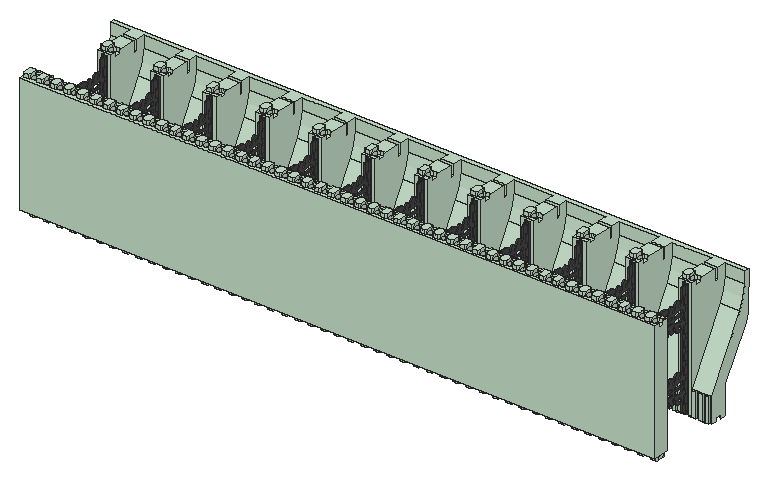
Revit family "ICF- NUDURA 8-inch- Brick Ledge Form Unit- Imperial", category Generic Models, Revit 2011 (continued)
Forms (in)
  Extrusion 51, void
    sketch origin (86, 0, 0) x (-1, 0, 0) y (0, -1, 0)
      loop
        arc (1, -4.89808) -> (1.04785, -5.04517) -> (1.17308, -5.13595) r 0.25
        arc (1.17308, -5.13595) -> (1.5, -5.1875) -> (1.82692, -5.13595) r 1.0625
        arc (1.82692, -5.13595) -> (1.95215, -5.04517) -> (2, -4.89808) r 0.25
        line (2, -4.89808) -> (2, -3.97692)
        arc (2, -3.97692) -> (1.98276, -3.88568) -> (1.9334, -3.80702) r 0.25
        arc (1.9334, -3.80702) -> (1.92106, -3.78736) -> (1.91675, -3.76455) r 0.0625
        line (1.91675, -3.76455) -> (1.91675, -3.41845) -> (1.74592, -3.41845) -> (1.74592, -3.64005)
        arc (1.74592, -3.64005) -> (1.72385, -3.68771) -> (1.67323, -3.70172) r 0.0625
        arc (1.67323, -3.70172) -> (1.42092, -3.69045) -> (1.17308, -3.73905) r 1.0625
        arc (1.17308, -3.73905) -> (1.04785, -3.82983) -> (1, -3.97692) r 0.25
        line (1, -3.97692) -> (1, -4.89808)
    from 18 to 17.5
  Extrusion 52, void
    sketch origin (78, 0, 0) x (-1, 0, 0) y (0, -1, 0)
      loop
        arc (1, -4.89808) -> (1.04785, -5.04517) -> (1.17308, -5.13595) r 0.25
        arc (1.17308, -5.13595) -> (1.5, -5.1875) -> (1.82692, -5.13595) r 1.0625
        arc (1.82692, -5.13595) -> (1.95215, -5.04517) -> (2, -4.89808) r 0.25
        line (2, -4.89808) -> (2, -3.97692)
        arc (2, -3.97692) -> (1.98276, -3.88568) -> (1.9334, -3.80702) r 0.25
        arc (1.9334, -3.80702) -> (1.92106, -3.78736) -> (1.91675, -3.76455) r 0.0625
        line (1.91675, -3.76455) -> (1.91675, -3.41845) -> (1.74592, -3.41845) -> (1.74592, -3.64005)
        arc (1.74592, -3.64005) -> (1.72385, -3.68771) -> (1.67323, -3.70172) r 0.0625
        arc (1.67323, -3.70172) -> (1.42092, -3.69045) -> (1.17308, -3.73905) r 1.0625
        arc (1.17308, -3.73905) -> (1.04785, -3.82983) -> (1, -3.97692) r 0.25
        line (1, -3.97692) -> (1, -4.89808)
    from 18 to 17.5
  Extrusion 53, void
    sketch origin (70, 0, 0) x (-1, 0, 0) y (0, -1, 0)
      loop
        arc (1, -4.89808) -> (1.04785, -5.04517) -> (1.17308, -5.13595) r 0.25
        arc (1.17308, -5.13595) -> (1.5, -5.1875) -> (1.82692, -5.13595) r 1.0625
        arc (1.82692, -5.13595) -> (1.95215, -5.04517) -> (2, -4.89808) r 0.25
        line (2, -4.89808) -> (2, -3.97692)
        arc (2, -3.97692) -> (1.98276, -3.88568) -> (1.9334, -3.80702) r 0.25
        arc (1.9334, -3.80702) -> (1.92106, -3.78736) -> (1.91675, -3.76455) r 0.0625
        line (1.91675, -3.76455) -> (1.91675, -3.41845) -> (1.74592, -3.41845) -> (1.74592, -3.64005)
        arc (1.74592, -3.64005) -> (1.72385, -3.68771) -> (1.67323, -3.70172) r 0.0625
        arc (1.67323, -3.70172) -> (1.42092, -3.69045) -> (1.17308, -3.73905) r 1.0625
        arc (1.17308, -3.73905) -> (1.04785, -3.82983) -> (1, -3.97692) r 0.25
        line (1, -3.97692) -> (1, -4.89808)
    from 18 to 17.5
  Extrusion 54, void
    sketch origin (62, 0, 0) x (-1, 0, 0) y (0, -1, 0)
      loop
        arc (1, -4.89808) -> (1.04785, -5.04517) -> (1.17308, -5.13595) r 0.25
        arc (1.17308, -5.13595) -> (1.5, -5.1875) -> (1.82692, -5.13595) r 1.0625
        arc (1.82692, -5.13595) -> (1.95215, -5.04517) -> (2, -4.89808) r 0.25
        line (2, -4.89808) -> (2, -3.97692)
        arc (2, -3.97692) -> (1.98276, -3.88568) -> (1.9334, -3.80702) r 0.25
        arc (1.9334, -3.80702) -> (1.92106, -3.78736) -> (1.91675, -3.76455) r 0.0625
        line (1.91675, -3.76455) -> (1.91675, -3.41845) -> (1.74592, -3.41845) -> (1.74592, -3.64005)
        arc (1.74592, -3.64005) -> (1.72385, -3.68771) -> (1.67323, -3.70172) r 0.0625
        arc (1.67323, -3.70172) -> (1.42092, -3.69045) -> (1.17308, -3.73905) r 1.0625
        arc (1.17308, -3.73905) -> (1.04785, -3.82983) -> (1, -3.97692) r 0.25
        line (1, -3.97692) -> (1, -4.89808)
    from 18 to 17.5
  Extrusion 55, void
    sketch origin (54, 0, 0) x (-1, 0, 0) y (0, -1, 0)
      loop
        arc (1, -4.89808) -> (1.04785, -5.04517) -> (1.17308, -5.13595) r 0.25
        arc (1.17308, -5.13595) -> (1.5, -5.1875) -> (1.82692, -5.13595) r 1.0625
        arc (1.82692, -5.13595) -> (1.95215, -5.04517) -> (2, -4.89808) r 0.25
        line (2, -4.89808) -> (2, -3.97692)
        arc (2, -3.97692) -> (1.98276, -3.88568) -> (1.9334, -3.80702) r 0.25
        arc (1.9334, -3.80702) -> (1.92106, -3.78736) -> (1.91675, -3.76455) r 0.0625
        line (1.91675, -3.76455) -> (1.91675, -3.41845) -> (1.74592, -3.41845) -> (1.74592, -3.64005)
        arc (1.74592, -3.64005) -> (1.72385, -3.68771) -> (1.67323, -3.70172) r 0.0625
        arc (1.67323, -3.70172) -> (1.42092, -3.69045) -> (1.17308, -3.73905) r 1.0625
        arc (1.17308, -3.73905) -> (1.04785, -3.82983) -> (1, -3.97692) r 0.25
        line (1, -3.97692) -> (1, -4.89808)
    from 18 to 17.5
  Extrusion 56, void
    sketch origin (46, 0, 0) x (-1, 0, 0) y (0, -1, 0)
      loop
        arc (1, -4.89808) -> (1.04785, -5.04517) -> (1.17308, -5.13595) r 0.25
        arc (1.17308, -5.13595) -> (1.5, -5.1875) -> (1.82692, -5.13595) r 1.0625
        arc (1.82692, -5.13595) -> (1.95215, -5.04517) -> (2, -4.89808) r 0.25
        line (2, -4.89808) -> (2, -3.97692)
        arc (2, -3.97692) -> (1.98276, -3.88568) -> (1.9334, -3.80702) r 0.25
        arc (1.9334, -3.80702) -> (1.92106, -3.78736) -> (1.91675, -3.76455) r 0.0625
        line (1.91675, -3.76455) -> (1.91675, -3.41845) -> (1.74592, -3.41845) -> (1.74592, -3.64005)
        arc (1.74592, -3.64005) -> (1.72385, -3.68771) -> (1.67323, -3.70172) r 0.0625
        arc (1.67323, -3.70172) -> (1.42092, -3.69045) -> (1.17308, -3.73905) r 1.0625
        arc (1.17308, -3.73905) -> (1.04785, -3.82983) -> (1, -3.97692) r 0.25
        line (1, -3.97692) -> (1, -4.89808)
    from 18 to 17.5
  Extrusion 57, void
    sketch origin (38, 0, 0) x (-1, 0, 0) y (0, -1, 0)
      loop
        arc (1, -4.89808) -> (1.04785, -5.04517) -> (1.17308, -5.13595) r 0.25
        arc (1.17308, -5.13595) -> (1.5, -5.1875) -> (1.82692, -5.13595) r 1.0625
        arc (1.82692, -5.13595) -> (1.95215, -5.04517) -> (2, -4.89808) r 0.25
        line (2, -4.89808) -> (2, -3.97692)
        arc (2, -3.97692) -> (1.98276, -3.88568) -> (1.9334, -3.80702) r 0.25
        arc (1.9334, -3.80702) -> (1.92106, -3.78736) -> (1.91675, -3.76455) r 0.0625
        line (1.91675, -3.76455) -> (1.91675, -3.41845) -> (1.74592, -3.41845) -> (1.74592, -3.64005)
        arc (1.74592, -3.64005) -> (1.72385, -3.68771) -> (1.67323, -3.70172) r 0.0625
        arc (1.67323, -3.70172) -> (1.42092, -3.69045) -> (1.17308, -3.73905) r 1.0625
        arc (1.17308, -3.73905) -> (1.04785, -3.82983) -> (1, -3.97692) r 0.25
        line (1, -3.97692) -> (1, -4.89808)
    from 18 to 17.5
  Extrusion 58, void
    sketch origin (30, 0, 0) x (-1, 0, 0) y (0, -1, 0)
      loop
        arc (1, -4.89808) -> (1.04785, -5.04517) -> (1.17308, -5.13595) r 0.25
        arc (1.17308, -5.13595) -> (1.5, -5.1875) -> (1.82692, -5.13595) r 1.0625
        arc (1.82692, -5.13595) -> (1.95215, -5.04517) -> (2, -4.89808) r 0.25
        line (2, -4.89808) -> (2, -3.97692)
        arc (2, -3.97692) -> (1.98276, -3.88568) -> (1.9334, -3.80702) r 0.25
        arc (1.9334, -3.80702) -> (1.92106, -3.78736) -> (1.91675, -3.76455) r 0.0625
        line (1.91675, -3.76455) -> (1.91675, -3.41845) -> (1.74592, -3.41845) -> (1.74592, -3.64005)
        arc (1.74592, -3.64005) -> (1.72385, -3.68771) -> (1.67323, -3.70172) r 0.0625
        arc (1.67323, -3.70172) -> (1.42092, -3.69045) -> (1.17308, -3.73905) r 1.0625
        arc (1.17308, -3.73905) -> (1.04785, -3.82983) -> (1, -3.97692) r 0.25
        line (1, -3.97692) -> (1, -4.89808)
    from 18 to 17.5
  Extrusion 59, void
    sketch origin (22, 0, 0) x (-1, 0, 0) y (0, -1, 0)
      loop
        arc (1, -4.89808) -> (1.04785, -5.04517) -> (1.17308, -5.13595) r 0.25
        arc (1.17308, -5.13595) -> (1.5, -5.1875) -> (1.82692, -5.13595) r 1.0625
        arc (1.82692, -5.13595) -> (1.95215, -5.04517) -> (2, -4.89808) r 0.25
        line (2, -4.89808) -> (2, -3.97692)
        arc (2, -3.97692) -> (1.98276, -3.88568) -> (1.9334, -3.80702) r 0.25
        arc (1.9334, -3.80702) -> (1.92106, -3.78736) -> (1.91675, -3.76455) r 0.0625
        line (1.91675, -3.76455) -> (1.91675, -3.41845) -> (1.74592, -3.41845) -> (1.74592, -3.64005)
        arc (1.74592, -3.64005) -> (1.72385, -3.68771) -> (1.67323, -3.70172) r 0.0625
        arc (1.67323, -3.70172) -> (1.42092, -3.69045) -> (1.17308, -3.73905) r 1.0625
        arc (1.17308, -3.73905) -> (1.04785, -3.82983) -> (1, -3.97692) r 0.25
        line (1, -3.97692) -> (1, -4.89808)
    from 18 to 17.5
  Extrusion 60, void
    sketch origin (14, 0, 0) x (-1, 0, 0) y (0, -1, 0)
      loop
        arc (1, -4.89808) -> (1.04785, -5.04517) -> (1.17308, -5.13595) r 0.25
        arc (1.17308, -5.13595) -> (1.5, -5.1875) -> (1.82692, -5.13595) r 1.0625
        arc (1.82692, -5.13595) -> (1.95215, -5.04517) -> (2, -4.89808) r 0.25
        line (2, -4.89808) -> (2, -3.97692)
        arc (2, -3.97692) -> (1.98276, -3.88568) -> (1.9334, -3.80702) r 0.25
        arc (1.9334, -3.80702) -> (1.92106, -3.78736) -> (1.91675, -3.76455) r 0.0625
        line (1.91675, -3.76455) -> (1.91675, -3.41845) -> (1.74592, -3.41845) -> (1.74592, -3.64005)
        arc (1.74592, -3.64005) -> (1.72385, -3.68771) -> (1.67323, -3.70172) r 0.0625
        arc (1.67323, -3.70172) -> (1.42092, -3.69045) -> (1.17308, -3.73905) r 1.0625
        arc (1.17308, -3.73905) -> (1.04785, -3.82983) -> (1, -3.97692) r 0.25
        line (1, -3.97692) -> (1, -4.89808)
    from 18 to 17.5
  Extrusion 61, void
    sketch origin (6, 0, 0) x (-1, 0, 0) y (0, -1, 0)
      loop
        arc (1, -4.89808) -> (1.04785, -5.04517) -> (1.17308, -5.13595) r 0.25
        arc (1.17308, -5.13595) -> (1.5, -5.1875) -> (1.82692, -5.13595) r 1.0625
        arc (1.82692, -5.13595) -> (1.95215, -5.04517) -> (2, -4.89808) r 0.25
        line (2, -4.89808) -> (2, -3.97692)
        arc (2, -3.97692) -> (1.98276, -3.88568) -> (1.9334, -3.80702) r 0.25
        arc (1.9334, -3.80702) -> (1.92106, -3.78736) -> (1.91675, -3.76455) r 0.0625
        line (1.91675, -3.76455) -> (1.91675, -3.41845) -> (1.74592, -3.41845) -> (1.74592, -3.64005)
        arc (1.74592, -3.64005) -> (1.72385, -3.68771) -> (1.67323, -3.70172) r 0.0625
        arc (1.67323, -3.70172) -> (1.42092, -3.69045) -> (1.17308, -3.73905) r 1.0625
        arc (1.17308, -3.73905) -> (1.04785, -3.82983) -> (1, -3.97692) r 0.25
        line (1, -3.97692) -> (1, -4.89808)
    from 18 to 17.5
  Extrusion 62, void
    sketch origin (2, -2, 0) x (-1, 0, 0) y (0, -1, 0)
      loop
        line (1, 4.89808) -> (1, 3.97692)
        arc (1, 3.97692) -> (1.04785, 3.82983) -> (1.17308, 3.73905) r 0.25
        arc (1.17308, 3.73905) -> (1.42092, 3.69045) -> (1.67323, 3.70172) r 1.0625
        arc (1.67323, 3.70172) -> (1.72385, 3.68771) -> (1.74592, 3.64005) r 0.0625
        line (1.74592, 3.64005) -> (1.74592, 3.41845) -> (1.91675, 3.41845) -> (1.91675, 3.76455)
        arc (1.91675, 3.76455) -> (1.92106, 3.78736) -> (1.9334, 3.80702) r 0.0625
        arc (1.9334, 3.80702) -> (1.98276, 3.88568) -> (2, 3.97692) r 0.25
        line (2, 3.97692) -> (2, 4.89808)
        arc (2, 4.89808) -> (1.95215, 5.04517) -> (1.82692, 5.13595) r 0.25
        arc (1.82692, 5.13595) -> (1.5, 5.1875) -> (1.17308, 5.13595) r 1.0625
        arc (1.17308, 5.13595) -> (1.04785, 5.04517) -> (1, 4.89808) r 0.25
    from 0 to 0.5
  Extrusion 63, void
    sketch origin (4, -2, 0) x (-1, 0, 0) y (0, -1, 0)
      loop
        line (1, 4.89808) -> (1, 3.97692)
        arc (1, 3.97692) -> (1.04785, 3.82983) -> (1.17308, 3.73905) r 0.25
        arc (1.17308, 3.73905) -> (1.42092, 3.69045) -> (1.67323, 3.70172) r 1.0625
        arc (1.67323, 3.70172) -> (1.72385, 3.68771) -> (1.74592, 3.64005) r 0.0625
        line (1.74592, 3.64005) -> (1.74592, 3.41845) -> (1.91675, 3.41845) -> (1.91675, 3.76455)
        arc (1.91675, 3.76455) -> (1.92106, 3.78736) -> (1.9334, 3.80702) r 0.0625
        arc (1.9334, 3.80702) -> (1.98276, 3.88568) -> (2, 3.97692) r 0.25
        line (2, 3.97692) -> (2, 4.89808)
        arc (2, 4.89808) -> (1.95215, 5.04517) -> (1.82692, 5.13595) r 0.25
        arc (1.82692, 5.13595) -> (1.5, 5.1875) -> (1.17308, 5.13595) r 1.0625
        arc (1.17308, 5.13595) -> (1.04785, 5.04517) -> (1, 4.89808) r 0.25
    from 0 to 0.5
  Extrusion 64, void
    sketch origin (6, -2, 0) x (-1, 0, 0) y (0, -1, 0)
      loop
        line (1, 4.89808) -> (1, 3.97692)
        arc (1, 3.97692) -> (1.04785, 3.82983) -> (1.17308, 3.73905) r 0.25
        arc (1.17308, 3.73905) -> (1.42092, 3.69045) -> (1.67323, 3.70172) r 1.0625
        arc (1.67323, 3.70172) -> (1.72385, 3.68771) -> (1.74592, 3.64005) r 0.0625
        line (1.74592, 3.64005) -> (1.74592, 3.41845) -> (1.91675, 3.41845) -> (1.91675, 3.76455)
        arc (1.91675, 3.76455) -> (1.92106, 3.78736) -> (1.9334, 3.80702) r 0.0625
        arc (1.9334, 3.80702) -> (1.98276, 3.88568) -> (2, 3.97692) r 0.25
        line (2, 3.97692) -> (2, 4.89808)
        arc (2, 4.89808) -> (1.95215, 5.04517) -> (1.82692, 5.13595) r 0.25
        arc (1.82692, 5.13595) -> (1.5, 5.1875) -> (1.17308, 5.13595) r 1.0625
        arc (1.17308, 5.13595) -> (1.04785, 5.04517) -> (1, 4.89808) r 0.25
    from 0 to 0.5
  Extrusion 65, void
    sketch origin (8, -2, 0) x (-1, 0, 0) y (0, -1, 0)
      loop
        line (1, 4.89808) -> (1, 3.97692)
        arc (1, 3.97692) -> (1.04785, 3.82983) -> (1.17308, 3.73905) r 0.25
        arc (1.17308, 3.73905) -> (1.42092, 3.69045) -> (1.67323, 3.70172) r 1.0625
        arc (1.67323, 3.70172) -> (1.72385, 3.68771) -> (1.74592, 3.64005) r 0.0625
        line (1.74592, 3.64005) -> (1.74592, 3.41845) -> (1.91675, 3.41845) -> (1.91675, 3.76455)
        arc (1.91675, 3.76455) -> (1.92106, 3.78736) -> (1.9334, 3.80702) r 0.0625
        arc (1.9334, 3.80702) -> (1.98276, 3.88568) -> (2, 3.97692) r 0.25
        line (2, 3.97692) -> (2, 4.89808)
        arc (2, 4.89808) -> (1.95215, 5.04517) -> (1.82692, 5.13595) r 0.25
        arc (1.82692, 5.13595) -> (1.5, 5.1875) -> (1.17308, 5.13595) r 1.0625
        arc (1.17308, 5.13595) -> (1.04785, 5.04517) -> (1, 4.89808) r 0.25
    from 0 to 0.5
  Extrusion 66, void
    sketch origin (10, -2, 0) x (-1, 0, 0) y (0, -1, 0)
      loop
        line (1, 4.89808) -> (1, 3.97692)
        arc (1, 3.97692) -> (1.04785, 3.82983) -> (1.17308, 3.73905) r 0.25
        arc (1.17308, 3.73905) -> (1.42092, 3.69045) -> (1.67323, 3.70172) r 1.0625
        arc (1.67323, 3.70172) -> (1.72385, 3.68771) -> (1.74592, 3.64005) r 0.0625
        line (1.74592, 3.64005) -> (1.74592, 3.41845) -> (1.91675, 3.41845) -> (1.91675, 3.76455)
        arc (1.91675, 3.76455) -> (1.92106, 3.78736) -> (1.9334, 3.80702) r 0.0625
        arc (1.9334, 3.80702) -> (1.98276, 3.88568) -> (2, 3.97692) r 0.25
        line (2, 3.97692) -> (2, 4.89808)
        arc (2, 4.89808) -> (1.95215, 5.04517) -> (1.82692, 5.13595) r 0.25
        arc (1.82692, 5.13595) -> (1.5, 5.1875) -> (1.17308, 5.13595) r 1.0625
        arc (1.17308, 5.13595) -> (1.04785, 5.04517) -> (1, 4.89808) r 0.25
    from 0 to 0.5
  Extrusion 67, void
    sketch origin (12, -2, 0) x (-1, 0, 0) y (0, -1, 0)
      loop
        line (1, 4.89808) -> (1, 3.97692)
        arc (1, 3.97692) -> (1.04785, 3.82983) -> (1.17308, 3.73905) r 0.25
        arc (1.17308, 3.73905) -> (1.42092, 3.69045) -> (1.67323, 3.70172) r 1.0625
        arc (1.67323, 3.70172) -> (1.72385, 3.68771) -> (1.74592, 3.64005) r 0.0625
        line (1.74592, 3.64005) -> (1.74592, 3.41845) -> (1.91675, 3.41845) -> (1.91675, 3.76455)
        arc (1.91675, 3.76455) -> (1.92106, 3.78736) -> (1.9334, 3.80702) r 0.0625
        arc (1.9334, 3.80702) -> (1.98276, 3.88568) -> (2, 3.97692) r 0.25
        line (2, 3.97692) -> (2, 4.89808)
        arc (2, 4.89808) -> (1.95215, 5.04517) -> (1.82692, 5.13595) r 0.25
        arc (1.82692, 5.13595) -> (1.5, 5.1875) -> (1.17308, 5.13595) r 1.0625
        arc (1.17308, 5.13595) -> (1.04785, 5.04517) -> (1, 4.89808) r 0.25
    from 0 to 0.5
  Extrusion 68, void
    sketch origin (14, -2, 0) x (-1, 0, 0) y (0, -1, 0)
      loop
        line (1, 4.89808) -> (1, 3.97692)
        arc (1, 3.97692) -> (1.04785, 3.82983) -> (1.17308, 3.73905) r 0.25
        arc (1.17308, 3.73905) -> (1.42092, 3.69045) -> (1.67323, 3.70172) r 1.0625
        arc (1.67323, 3.70172) -> (1.72385, 3.68771) -> (1.74592, 3.64005) r 0.0625
        line (1.74592, 3.64005) -> (1.74592, 3.41845) -> (1.91675, 3.41845) -> (1.91675, 3.76455)
        arc (1.91675, 3.76455) -> (1.92106, 3.78736) -> (1.9334, 3.80702) r 0.0625
        arc (1.9334, 3.80702) -> (1.98276, 3.88568) -> (2, 3.97692) r 0.25
        line (2, 3.97692) -> (2, 4.89808)
        arc (2, 4.89808) -> (1.95215, 5.04517) -> (1.82692, 5.13595) r 0.25
        arc (1.82692, 5.13595) -> (1.5, 5.1875) -> (1.17308, 5.13595) r 1.0625
        arc (1.17308, 5.13595) -> (1.04785, 5.04517) -> (1, 4.89808) r 0.25
    from 0 to 0.5
  Extrusion 69, void
    sketch origin (16, -2, 0) x (-1, 0, 0) y (0, -1, 0)
      loop
        line (1, 4.89808) -> (1, 3.97692)
        arc (1, 3.97692) -> (1.04785, 3.82983) -> (1.17308, 3.73905) r 0.25
        arc (1.17308, 3.73905) -> (1.42092, 3.69045) -> (1.67323, 3.70172) r 1.0625
        arc (1.67323, 3.70172) -> (1.72385, 3.68771) -> (1.74592, 3.64005) r 0.0625
        line (1.74592, 3.64005) -> (1.74592, 3.41845) -> (1.91675, 3.41845) -> (1.91675, 3.76455)
        arc (1.91675, 3.76455) -> (1.92106, 3.78736) -> (1.9334, 3.80702) r 0.0625
        arc (1.9334, 3.80702) -> (1.98276, 3.88568) -> (2, 3.97692) r 0.25
        line (2, 3.97692) -> (2, 4.89808)
        arc (2, 4.89808) -> (1.95215, 5.04517) -> (1.82692, 5.13595) r 0.25
        arc (1.82692, 5.13595) -> (1.5, 5.1875) -> (1.17308, 5.13595) r 1.0625
        arc (1.17308, 5.13595) -> (1.04785, 5.04517) -> (1, 4.89808) r 0.25
    from 0 to 0.5
  Extrusion 70, void
    sketch origin (18, -2, 0) x (-1, 0, 0) y (0, -1, 0)
      loop
        line (1, 4.89808) -> (1, 3.97692)
        arc (1, 3.97692) -> (1.04785, 3.82983) -> (1.17308, 3.73905) r 0.25
        arc (1.17308, 3.73905) -> (1.42092, 3.69045) -> (1.67323, 3.70172) r 1.0625
        arc (1.67323, 3.70172) -> (1.72385, 3.68771) -> (1.74592, 3.64005) r 0.0625
        line (1.74592, 3.64005) -> (1.74592, 3.41845) -> (1.91675, 3.41845) -> (1.91675, 3.76455)
        arc (1.91675, 3.76455) -> (1.92106, 3.78736) -> (1.9334, 3.80702) r 0.0625
        arc (1.9334, 3.80702) -> (1.98276, 3.88568) -> (2, 3.97692) r 0.25
        line (2, 3.97692) -> (2, 4.89808)
        arc (2, 4.89808) -> (1.95215, 5.04517) -> (1.82692, 5.13595) r 0.25
        arc (1.82692, 5.13595) -> (1.5, 5.1875) -> (1.17308, 5.13595) r 1.0625
        arc (1.17308, 5.13595) -> (1.04785, 5.04517) -> (1, 4.89808) r 0.25
    from 0 to 0.5
  Extrusion 71, void
    sketch origin (20, -2, 0) x (-1, 0, 0) y (0, -1, 0)
      loop
        line (1, 4.89808) -> (1, 3.97692)
        arc (1, 3.97692) -> (1.04785, 3.82983) -> (1.17308, 3.73905) r 0.25
        arc (1.17308, 3.73905) -> (1.42092, 3.69045) -> (1.67323, 3.70172) r 1.0625
        arc (1.67323, 3.70172) -> (1.72385, 3.68771) -> (1.74592, 3.64005) r 0.0625
        line (1.74592, 3.64005) -> (1.74592, 3.41845) -> (1.91675, 3.41845) -> (1.91675, 3.76455)
        arc (1.91675, 3.76455) -> (1.92106, 3.78736) -> (1.9334, 3.80702) r 0.0625
        arc (1.9334, 3.80702) -> (1.98276, 3.88568) -> (2, 3.97692) r 0.25
        line (2, 3.97692) -> (2, 4.89808)
        arc (2, 4.89808) -> (1.95215, 5.04517) -> (1.82692, 5.13595) r 0.25
        arc (1.82692, 5.13595) -> (1.5, 5.1875) -> (1.17308, 5.13595) r 1.0625
        arc (1.17308, 5.13595) -> (1.04785, 5.04517) -> (1, 4.89808) r 0.25
    from 0 to 0.5
  Extrusion 72, void
    sketch origin (22, -2, 0) x (-1, 0, 0) y (0, -1, 0)
      loop
        line (1, 4.89808) -> (1, 3.97692)
        arc (1, 3.97692) -> (1.04785, 3.82983) -> (1.17308, 3.73905) r 0.25
        arc (1.17308, 3.73905) -> (1.42092, 3.69045) -> (1.67323, 3.70172) r 1.0625
        arc (1.67323, 3.70172) -> (1.72385, 3.68771) -> (1.74592, 3.64005) r 0.0625
        line (1.74592, 3.64005) -> (1.74592, 3.41845) -> (1.91675, 3.41845) -> (1.91675, 3.76455)
        arc (1.91675, 3.76455) -> (1.92106, 3.78736) -> (1.9334, 3.80702) r 0.0625
        arc (1.9334, 3.80702) -> (1.98276, 3.88568) -> (2, 3.97692) r 0.25
        line (2, 3.97692) -> (2, 4.89808)
        arc (2, 4.89808) -> (1.95215, 5.04517) -> (1.82692, 5.13595) r 0.25
        arc (1.82692, 5.13595) -> (1.5, 5.1875) -> (1.17308, 5.13595) r 1.0625
        arc (1.17308, 5.13595) -> (1.04785, 5.04517) -> (1, 4.89808) r 0.25
    from 0 to 0.5
  Extrusion 73, void
    sketch origin (24, -2, 0) x (-1, 0, 0) y (0, -1, 0)
      loop
        line (1, 4.89808) -> (1, 3.97692)
        arc (1, 3.97692) -> (1.04785, 3.82983) -> (1.17308, 3.73905) r 0.25
        arc (1.17308, 3.73905) -> (1.42092, 3.69045) -> (1.67323, 3.70172) r 1.0625
        arc (1.67323, 3.70172) -> (1.72385, 3.68771) -> (1.74592, 3.64005) r 0.0625
        line (1.74592, 3.64005) -> (1.74592, 3.41845) -> (1.91675, 3.41845) -> (1.91675, 3.76455)
        arc (1.91675, 3.76455) -> (1.92106, 3.78736) -> (1.9334, 3.80702) r 0.0625
        arc (1.9334, 3.80702) -> (1.98276, 3.88568) -> (2, 3.97692) r 0.25
        line (2, 3.97692) -> (2, 4.89808)
        arc (2, 4.89808) -> (1.95215, 5.04517) -> (1.82692, 5.13595) r 0.25
        arc (1.82692, 5.13595) -> (1.5, 5.1875) -> (1.17308, 5.13595) r 1.0625
        arc (1.17308, 5.13595) -> (1.04785, 5.04517) -> (1, 4.89808) r 0.25
    from 0 to 0.5
  Extrusion 74, void
    sketch origin (26, -2, 0) x (-1, 0, 0) y (0, -1, 0)
      loop
        line (1, 4.89808) -> (1, 3.97692)
        arc (1, 3.97692) -> (1.04785, 3.82983) -> (1.17308, 3.73905) r 0.25
        arc (1.17308, 3.73905) -> (1.42092, 3.69045) -> (1.67323, 3.70172) r 1.0625
        arc (1.67323, 3.70172) -> (1.72385, 3.68771) -> (1.74592, 3.64005) r 0.0625
        line (1.74592, 3.64005) -> (1.74592, 3.41845) -> (1.91675, 3.41845) -> (1.91675, 3.76455)
        arc (1.91675, 3.76455) -> (1.92106, 3.78736) -> (1.9334, 3.80702) r 0.0625
        arc (1.9334, 3.80702) -> (1.98276, 3.88568) -> (2, 3.97692) r 0.25
        line (2, 3.97692) -> (2, 4.89808)
        arc (2, 4.89808) -> (1.95215, 5.04517) -> (1.82692, 5.13595) r 0.25
        arc (1.82692, 5.13595) -> (1.5, 5.1875) -> (1.17308, 5.13595) r 1.0625
        arc (1.17308, 5.13595) -> (1.04785, 5.04517) -> (1, 4.89808) r 0.25
    from 0 to 0.5
  Extrusion 75, void
    sketch origin (28, -2, 0) x (-1, 0, 0) y (0, -1, 0)
      loop
        line (1, 4.89808) -> (1, 3.97692)
        arc (1, 3.97692) -> (1.04785, 3.82983) -> (1.17308, 3.73905) r 0.25
        arc (1.17308, 3.73905) -> (1.42092, 3.69045) -> (1.67323, 3.70172) r 1.0625
        arc (1.67323, 3.70172) -> (1.72385, 3.68771) -> (1.74592, 3.64005) r 0.0625
        line (1.74592, 3.64005) -> (1.74592, 3.41845) -> (1.91675, 3.41845) -> (1.91675, 3.76455)
        arc (1.91675, 3.76455) -> (1.92106, 3.78736) -> (1.9334, 3.80702) r 0.0625
        arc (1.9334, 3.80702) -> (1.98276, 3.88568) -> (2, 3.97692) r 0.25
        line (2, 3.97692) -> (2, 4.89808)
        arc (2, 4.89808) -> (1.95215, 5.04517) -> (1.82692, 5.13595) r 0.25
        arc (1.82692, 5.13595) -> (1.5, 5.1875) -> (1.17308, 5.13595) r 1.0625
        arc (1.17308, 5.13595) -> (1.04785, 5.04517) -> (1, 4.89808) r 0.25
    from 0 to 0.5
  Extrusion 76, void
    sketch origin (30, -2, 0) x (-1, 0, 0) y (0, -1, 0)
      loop
        line (1, 4.89808) -> (1, 3.97692)
        arc (1, 3.97692) -> (1.04785, 3.82983) -> (1.17308, 3.73905) r 0.25
        arc (1.17308, 3.73905) -> (1.42092, 3.69045) -> (1.67323, 3.70172) r 1.0625
        arc (1.67323, 3.70172) -> (1.72385, 3.68771) -> (1.74592, 3.64005) r 0.0625
        line (1.74592, 3.64005) -> (1.74592, 3.41845) -> (1.91675, 3.41845) -> (1.91675, 3.76455)
        arc (1.91675, 3.76455) -> (1.92106, 3.78736) -> (1.9334, 3.80702) r 0.0625
        arc (1.9334, 3.80702) -> (1.98276, 3.88568) -> (2, 3.97692) r 0.25
        line (2, 3.97692) -> (2, 4.89808)
        arc (2, 4.89808) -> (1.95215, 5.04517) -> (1.82692, 5.13595) r 0.25
        arc (1.82692, 5.13595) -> (1.5, 5.1875) -> (1.17308, 5.13595) r 1.0625
        arc (1.17308, 5.13595) -> (1.04785, 5.04517) -> (1, 4.89808) r 0.25
    from 0 to 0.5
  Extrusion 77, void
    sketch origin (32, -2, 0) x (-1, 0, 0) y (0, -1, 0)
      loop
        line (1, 4.89808) -> (1, 3.97692)
        arc (1, 3.97692) -> (1.04785, 3.82983) -> (1.17308, 3.73905) r 0.25
        arc (1.17308, 3.73905) -> (1.42092, 3.69045) -> (1.67323, 3.70172) r 1.0625
        arc (1.67323, 3.70172) -> (1.72385, 3.68771) -> (1.74592, 3.64005) r 0.0625
        line (1.74592, 3.64005) -> (1.74592, 3.41845) -> (1.91675, 3.41845) -> (1.91675, 3.76455)
        arc (1.91675, 3.76455) -> (1.92106, 3.78736) -> (1.9334, 3.80702) r 0.0625
        arc (1.9334, 3.80702) -> (1.98276, 3.88568) -> (2, 3.97692) r 0.25
        line (2, 3.97692) -> (2, 4.89808)
        arc (2, 4.89808) -> (1.95215, 5.04517) -> (1.82692, 5.13595) r 0.25
        arc (1.82692, 5.13595) -> (1.5, 5.1875) -> (1.17308, 5.13595) r 1.0625
        arc (1.17308, 5.13595) -> (1.04785, 5.04517) -> (1, 4.89808) r 0.25
    from 0 to 0.5
  Extrusion 78, void
    sketch origin (34, -2, 0) x (-1, 0, 0) y (0, -1, 0)
      loop
        line (1, 4.89808) -> (1, 3.97692)
        arc (1, 3.97692) -> (1.04785, 3.82983) -> (1.17308, 3.73905) r 0.25
        arc (1.17308, 3.73905) -> (1.42092, 3.69045) -> (1.67323, 3.70172) r 1.0625
        arc (1.67323, 3.70172) -> (1.72385, 3.68771) -> (1.74592, 3.64005) r 0.0625
        line (1.74592, 3.64005) -> (1.74592, 3.41845) -> (1.91675, 3.41845) -> (1.91675, 3.76455)
        arc (1.91675, 3.76455) -> (1.92106, 3.78736) -> (1.9334, 3.80702) r 0.0625
        arc (1.9334, 3.80702) -> (1.98276, 3.88568) -> (2, 3.97692) r 0.25
        line (2, 3.97692) -> (2, 4.89808)
        arc (2, 4.89808) -> (1.95215, 5.04517) -> (1.82692, 5.13595) r 0.25
        arc (1.82692, 5.13595) -> (1.5, 5.1875) -> (1.17308, 5.13595) r 1.0625
        arc (1.17308, 5.13595) -> (1.04785, 5.04517) -> (1, 4.89808) r 0.25
    from 0 to 0.5
  Extrusion 79, void
    sketch origin (36, -2, 0) x (-1, 0, 0) y (0, -1, 0)
      loop
        line (1, 4.89808) -> (1, 3.97692)
        arc (1, 3.97692) -> (1.04785, 3.82983) -> (1.17308, 3.73905) r 0.25
        arc (1.17308, 3.73905) -> (1.42092, 3.69045) -> (1.67323, 3.70172) r 1.0625
        arc (1.67323, 3.70172) -> (1.72385, 3.68771) -> (1.74592, 3.64005) r 0.0625
        line (1.74592, 3.64005) -> (1.74592, 3.41845) -> (1.91675, 3.41845) -> (1.91675, 3.76455)
        arc (1.91675, 3.76455) -> (1.92106, 3.78736) -> (1.9334, 3.80702) r 0.0625
        arc (1.9334, 3.80702) -> (1.98276, 3.88568) -> (2, 3.97692) r 0.25
        line (2, 3.97692) -> (2, 4.89808)
        arc (2, 4.89808) -> (1.95215, 5.04517) -> (1.82692, 5.13595) r 0.25
        arc (1.82692, 5.13595) -> (1.5, 5.1875) -> (1.17308, 5.13595) r 1.0625
        arc (1.17308, 5.13595) -> (1.04785, 5.04517) -> (1, 4.89808) r 0.25
    from 0 to 0.5
  Extrusion 80, void
    sketch origin (38, -2, 0) x (-1, 0, 0) y (0, -1, 0)
      loop
        line (1, 4.89808) -> (1, 3.97692)
        arc (1, 3.97692) -> (1.04785, 3.82983) -> (1.17308, 3.73905) r 0.25
        arc (1.17308, 3.73905) -> (1.42092, 3.69045) -> (1.67323, 3.70172) r 1.0625
        arc (1.67323, 3.70172) -> (1.72385, 3.68771) -> (1.74592, 3.64005) r 0.0625
        line (1.74592, 3.64005) -> (1.74592, 3.41845) -> (1.91675, 3.41845) -> (1.91675, 3.76455)
        arc (1.91675, 3.76455) -> (1.92106, 3.78736) -> (1.9334, 3.80702) r 0.0625
        arc (1.9334, 3.80702) -> (1.98276, 3.88568) -> (2, 3.97692) r 0.25
        line (2, 3.97692) -> (2, 4.89808)
        arc (2, 4.89808) -> (1.95215, 5.04517) -> (1.82692, 5.13595) r 0.25
        arc (1.82692, 5.13595) -> (1.5, 5.1875) -> (1.17308, 5.13595) r 1.0625
        arc (1.17308, 5.13595) -> (1.04785, 5.04517) -> (1, 4.89808) r 0.25
    from 0 to 0.5
  Extrusion 81, void
    sketch origin (40, -2, 0) x (-1, 0, 0) y (0, -1, 0)
      loop
        line (1, 4.89808) -> (1, 3.97692)
        arc (1, 3.97692) -> (1.04785, 3.82983) -> (1.17308, 3.73905) r 0.25
        arc (1.17308, 3.73905) -> (1.42092, 3.69045) -> (1.67323, 3.70172) r 1.0625
        arc (1.67323, 3.70172) -> (1.72385, 3.68771) -> (1.74592, 3.64005) r 0.0625
        line (1.74592, 3.64005) -> (1.74592, 3.41845) -> (1.91675, 3.41845) -> (1.91675, 3.76455)
        arc (1.91675, 3.76455) -> (1.92106, 3.78736) -> (1.9334, 3.80702) r 0.0625
        arc (1.9334, 3.80702) -> (1.98276, 3.88568) -> (2, 3.97692) r 0.25
        line (2, 3.97692) -> (2, 4.89808)
        arc (2, 4.89808) -> (1.95215, 5.04517) -> (1.82692, 5.13595) r 0.25
        arc (1.82692, 5.13595) -> (1.5, 5.1875) -> (1.17308, 5.13595) r 1.0625
        arc (1.17308, 5.13595) -> (1.04785, 5.04517) -> (1, 4.89808) r 0.25
    from 0 to 0.5
  Extrusion 82, void
    sketch origin (42, -2, 0) x (-1, 0, 0) y (0, -1, 0)
      loop
        line (1, 4.89808) -> (1, 3.97692)
        arc (1, 3.97692) -> (1.04785, 3.82983) -> (1.17308, 3.73905) r 0.25
        arc (1.17308, 3.73905) -> (1.42092, 3.69045) -> (1.67323, 3.70172) r 1.0625
        arc (1.67323, 3.70172) -> (1.72385, 3.68771) -> (1.74592, 3.64005) r 0.0625
        line (1.74592, 3.64005) -> (1.74592, 3.41845) -> (1.91675, 3.41845) -> (1.91675, 3.76455)
        arc (1.91675, 3.76455) -> (1.92106, 3.78736) -> (1.9334, 3.80702) r 0.0625
        arc (1.9334, 3.80702) -> (1.98276, 3.88568) -> (2, 3.97692) r 0.25
        line (2, 3.97692) -> (2, 4.89808)
        arc (2, 4.89808) -> (1.95215, 5.04517) -> (1.82692, 5.13595) r 0.25
        arc (1.82692, 5.13595) -> (1.5, 5.1875) -> (1.17308, 5.13595) r 1.0625
        arc (1.17308, 5.13595) -> (1.04785, 5.04517) -> (1, 4.89808) r 0.25
    from 0 to 0.5
  Extrusion 83, void
    sketch origin (44, -2, 0) x (-1, 0, 0) y (0, -1, 0)
      loop
        line (1, 4.89808) -> (1, 3.97692)
        arc (1, 3.97692) -> (1.04785, 3.82983) -> (1.17308, 3.73905) r 0.25
        arc (1.17308, 3.73905) -> (1.42092, 3.69045) -> (1.67323, 3.70172) r 1.0625
        arc (1.67323, 3.70172) -> (1.72385, 3.68771) -> (1.74592, 3.64005) r 0.0625
        line (1.74592, 3.64005) -> (1.74592, 3.41845) -> (1.91675, 3.41845) -> (1.91675, 3.76455)
        arc (1.91675, 3.76455) -> (1.92106, 3.78736) -> (1.9334, 3.80702) r 0.0625
        arc (1.9334, 3.80702) -> (1.98276, 3.88568) -> (2, 3.97692) r 0.25
        line (2, 3.97692) -> (2, 4.89808)
        arc (2, 4.89808) -> (1.95215, 5.04517) -> (1.82692, 5.13595) r 0.25
        arc (1.82692, 5.13595) -> (1.5, 5.1875) -> (1.17308, 5.13595) r 1.0625
        arc (1.17308, 5.13595) -> (1.04785, 5.04517) -> (1, 4.89808) r 0.25
    from 0 to 0.5
  Extrusion 84, void
    sketch origin (46, -2, 0) x (-1, 0, 0) y (0, -1, 0)
      loop
        line (1, 4.89808) -> (1, 3.97692)
        arc (1, 3.97692) -> (1.04785, 3.82983) -> (1.17308, 3.73905) r 0.25
        arc (1.17308, 3.73905) -> (1.42092, 3.69045) -> (1.67323, 3.70172) r 1.0625
        arc (1.67323, 3.70172) -> (1.72385, 3.68771) -> (1.74592, 3.64005) r 0.0625
        line (1.74592, 3.64005) -> (1.74592, 3.41845) -> (1.91675, 3.41845) -> (1.91675, 3.76455)
        arc (1.91675, 3.76455) -> (1.92106, 3.78736) -> (1.9334, 3.80702) r 0.0625
        arc (1.9334, 3.80702) -> (1.98276, 3.88568) -> (2, 3.97692) r 0.25
        line (2, 3.97692) -> (2, 4.89808)
        arc (2, 4.89808) -> (1.95215, 5.04517) -> (1.82692, 5.13595) r 0.25
        arc (1.82692, 5.13595) -> (1.5, 5.1875) -> (1.17308, 5.13595) r 1.0625
        arc (1.17308, 5.13595) -> (1.04785, 5.04517) -> (1, 4.89808) r 0.25
    from 0 to 0.5
  Extrusion 85, void
    sketch origin (48, -2, 0) x (-1, 0, 0) y (0, -1, 0)
      loop
        line (1, 4.89808) -> (1, 3.97692)
        arc (1, 3.97692) -> (1.04785, 3.82983) -> (1.17308, 3.73905) r 0.25
        arc (1.17308, 3.73905) -> (1.42092, 3.69045) -> (1.67323, 3.70172) r 1.0625
        arc (1.67323, 3.70172) -> (1.72385, 3.68771) -> (1.74592, 3.64005) r 0.0625
        line (1.74592, 3.64005) -> (1.74592, 3.41845) -> (1.91675, 3.41845) -> (1.91675, 3.76455)
        arc (1.91675, 3.76455) -> (1.92106, 3.78736) -> (1.9334, 3.80702) r 0.0625
        arc (1.9334, 3.80702) -> (1.98276, 3.88568) -> (2, 3.97692) r 0.25
        line (2, 3.97692) -> (2, 4.89808)
        arc (2, 4.89808) -> (1.95215, 5.04517) -> (1.82692, 5.13595) r 0.25
        arc (1.82692, 5.13595) -> (1.5, 5.1875) -> (1.17308, 5.13595) r 1.0625
        arc (1.17308, 5.13595) -> (1.04785, 5.04517) -> (1, 4.89808) r 0.25
    from 0 to 0.5
  Extrusion 86, void
    sketch origin (50, -2, 0) x (-1, 0, 0) y (0, -1, 0)
      loop
        line (1, 4.89808) -> (1, 3.97692)
        arc (1, 3.97692) -> (1.04785, 3.82983) -> (1.17308, 3.73905) r 0.25
        arc (1.17308, 3.73905) -> (1.42092, 3.69045) -> (1.67323, 3.70172) r 1.0625
        arc (1.67323, 3.70172) -> (1.72385, 3.68771) -> (1.74592, 3.64005) r 0.0625
        line (1.74592, 3.64005) -> (1.74592, 3.41845) -> (1.91675, 3.41845) -> (1.91675, 3.76455)
        arc (1.91675, 3.76455) -> (1.92106, 3.78736) -> (1.9334, 3.80702) r 0.0625
        arc (1.9334, 3.80702) -> (1.98276, 3.88568) -> (2, 3.97692) r 0.25
        line (2, 3.97692) -> (2, 4.89808)
        arc (2, 4.89808) -> (1.95215, 5.04517) -> (1.82692, 5.13595) r 0.25
        arc (1.82692, 5.13595) -> (1.5, 5.1875) -> (1.17308, 5.13595) r 1.0625
        arc (1.17308, 5.13595) -> (1.04785, 5.04517) -> (1, 4.89808) r 0.25
    from 0 to 0.5
  Extrusion 87, void
    sketch origin (52, -2, 0) x (-1, 0, 0) y (0, -1, 0)
      loop
        line (1, 4.89808) -> (1, 3.97692)
        arc (1, 3.97692) -> (1.04785, 3.82983) -> (1.17308, 3.73905) r 0.25
        arc (1.17308, 3.73905) -> (1.42092, 3.69045) -> (1.67323, 3.70172) r 1.0625
        arc (1.67323, 3.70172) -> (1.72385, 3.68771) -> (1.74592, 3.64005) r 0.0625
        line (1.74592, 3.64005) -> (1.74592, 3.41845) -> (1.91675, 3.41845) -> (1.91675, 3.76455)
        arc (1.91675, 3.76455) -> (1.92106, 3.78736) -> (1.9334, 3.80702) r 0.0625
        arc (1.9334, 3.80702) -> (1.98276, 3.88568) -> (2, 3.97692) r 0.25
        line (2, 3.97692) -> (2, 4.89808)
        arc (2, 4.89808) -> (1.95215, 5.04517) -> (1.82692, 5.13595) r 0.25
        arc (1.82692, 5.13595) -> (1.5, 5.1875) -> (1.17308, 5.13595) r 1.0625
        arc (1.17308, 5.13595) -> (1.04785, 5.04517) -> (1, 4.89808) r 0.25
    from 0 to 0.5
  Extrusion 88, void
    sketch origin (54, -2, 0) x (-1, 0, 0) y (0, -1, 0)
      loop
        line (1, 4.89808) -> (1, 3.97692)
        arc (1, 3.97692) -> (1.04785, 3.82983) -> (1.17308, 3.73905) r 0.25
        arc (1.17308, 3.73905) -> (1.42092, 3.69045) -> (1.67323, 3.70172) r 1.0625
        arc (1.67323, 3.70172) -> (1.72385, 3.68771) -> (1.74592, 3.64005) r 0.0625
        line (1.74592, 3.64005) -> (1.74592, 3.41845) -> (1.91675, 3.41845) -> (1.91675, 3.76455)
        arc (1.91675, 3.76455) -> (1.92106, 3.78736) -> (1.9334, 3.80702) r 0.0625
        arc (1.9334, 3.80702) -> (1.98276, 3.88568) -> (2, 3.97692) r 0.25
        line (2, 3.97692) -> (2, 4.89808)
        arc (2, 4.89808) -> (1.95215, 5.04517) -> (1.82692, 5.13595) r 0.25
        arc (1.82692, 5.13595) -> (1.5, 5.1875) -> (1.17308, 5.13595) r 1.0625
        arc (1.17308, 5.13595) -> (1.04785, 5.04517) -> (1, 4.89808) r 0.25
    from 0 to 0.5
  Extrusion 89, void
    sketch origin (56, -2, 0) x (-1, 0, 0) y (0, -1, 0)
      loop
        line (1, 4.89808) -> (1, 3.97692)
        arc (1, 3.97692) -> (1.04785, 3.82983) -> (1.17308, 3.73905) r 0.25
        arc (1.17308, 3.73905) -> (1.42092, 3.69045) -> (1.67323, 3.70172) r 1.0625
        arc (1.67323, 3.70172) -> (1.72385, 3.68771) -> (1.74592, 3.64005) r 0.0625
        line (1.74592, 3.64005) -> (1.74592, 3.41845) -> (1.91675, 3.41845) -> (1.91675, 3.76455)
        arc (1.91675, 3.76455) -> (1.92106, 3.78736) -> (1.9334, 3.80702) r 0.0625
        arc (1.9334, 3.80702) -> (1.98276, 3.88568) -> (2, 3.97692) r 0.25
        line (2, 3.97692) -> (2, 4.89808)
        arc (2, 4.89808) -> (1.95215, 5.04517) -> (1.82692, 5.13595) r 0.25
        arc (1.82692, 5.13595) -> (1.5, 5.1875) -> (1.17308, 5.13595) r 1.0625
        arc (1.17308, 5.13595) -> (1.04785, 5.04517) -> (1, 4.89808) r 0.25
    from 0 to 0.5
  Extrusion 90, void
    sketch origin (58, -2, 0) x (-1, 0, 0) y (0, -1, 0)
      loop
        line (1, 4.89808) -> (1, 3.97692)
        arc (1, 3.97692) -> (1.04785, 3.82983) -> (1.17308, 3.73905) r 0.25
        arc (1.17308, 3.73905) -> (1.42092, 3.69045) -> (1.67323, 3.70172) r 1.0625
        arc (1.67323, 3.70172) -> (1.72385, 3.68771) -> (1.74592, 3.64005) r 0.0625
        line (1.74592, 3.64005) -> (1.74592, 3.41845) -> (1.91675, 3.41845) -> (1.91675, 3.76455)
        arc (1.91675, 3.76455) -> (1.92106, 3.78736) -> (1.9334, 3.80702) r 0.0625
        arc (1.9334, 3.80702) -> (1.98276, 3.88568) -> (2, 3.97692) r 0.25
        line (2, 3.97692) -> (2, 4.89808)
        arc (2, 4.89808) -> (1.95215, 5.04517) -> (1.82692, 5.13595) r 0.25
        arc (1.82692, 5.13595) -> (1.5, 5.1875) -> (1.17308, 5.13595) r 1.0625
        arc (1.17308, 5.13595) -> (1.04785, 5.04517) -> (1, 4.89808) r 0.25
    from 0 to 0.5
  Extrusion 91, void
    sketch origin (60, -2, 0) x (-1, 0, 0) y (0, -1, 0)
      loop
        line (1, 4.89808) -> (1, 3.97692)
        arc (1, 3.97692) -> (1.04785, 3.82983) -> (1.17308, 3.73905) r 0.25
        arc (1.17308, 3.73905) -> (1.42092, 3.69045) -> (1.67323, 3.70172) r 1.0625
        arc (1.67323, 3.70172) -> (1.72385, 3.68771) -> (1.74592, 3.64005) r 0.0625
        line (1.74592, 3.64005) -> (1.74592, 3.41845) -> (1.91675, 3.41845) -> (1.91675, 3.76455)
        arc (1.91675, 3.76455) -> (1.92106, 3.78736) -> (1.9334, 3.80702) r 0.0625
        arc (1.9334, 3.80702) -> (1.98276, 3.88568) -> (2, 3.97692) r 0.25
        line (2, 3.97692) -> (2, 4.89808)
        arc (2, 4.89808) -> (1.95215, 5.04517) -> (1.82692, 5.13595) r 0.25
        arc (1.82692, 5.13595) -> (1.5, 5.1875) -> (1.17308, 5.13595) r 1.0625
        arc (1.17308, 5.13595) -> (1.04785, 5.04517) -> (1, 4.89808) r 0.25
    from 0 to 0.5
  Extrusion 92, void
    sketch origin (62, -2, 0) x (-1, 0, 0) y (0, -1, 0)
      loop
        line (1, 4.89808) -> (1, 3.97692)
        arc (1, 3.97692) -> (1.04785, 3.82983) -> (1.17308, 3.73905) r 0.25
        arc (1.17308, 3.73905) -> (1.42092, 3.69045) -> (1.67323, 3.70172) r 1.0625
        arc (1.67323, 3.70172) -> (1.72385, 3.68771) -> (1.74592, 3.64005) r 0.0625
        line (1.74592, 3.64005) -> (1.74592, 3.41845) -> (1.91675, 3.41845) -> (1.91675, 3.76455)
        arc (1.91675, 3.76455) -> (1.92106, 3.78736) -> (1.9334, 3.80702) r 0.0625
        arc (1.9334, 3.80702) -> (1.98276, 3.88568) -> (2, 3.97692) r 0.25
        line (2, 3.97692) -> (2, 4.89808)
        arc (2, 4.89808) -> (1.95215, 5.04517) -> (1.82692, 5.13595) r 0.25
        arc (1.82692, 5.13595) -> (1.5, 5.1875) -> (1.17308, 5.13595) r 1.0625
        arc (1.17308, 5.13595) -> (1.04785, 5.04517) -> (1, 4.89808) r 0.25
    from 0 to 0.5
  Extrusion 93, void
    sketch origin (64, -2, 0) x (-1, 0, 0) y (0, -1, 0)
      loop
        line (1, 4.89808) -> (1, 3.97692)
        arc (1, 3.97692) -> (1.04785, 3.82983) -> (1.17308, 3.73905) r 0.25
        arc (1.17308, 3.73905) -> (1.42092, 3.69045) -> (1.67323, 3.70172) r 1.0625
        arc (1.67323, 3.70172) -> (1.72385, 3.68771) -> (1.74592, 3.64005) r 0.0625
        line (1.74592, 3.64005) -> (1.74592, 3.41845) -> (1.91675, 3.41845) -> (1.91675, 3.76455)
        arc (1.91675, 3.76455) -> (1.92106, 3.78736) -> (1.9334, 3.80702) r 0.0625
        arc (1.9334, 3.80702) -> (1.98276, 3.88568) -> (2, 3.97692) r 0.25
        line (2, 3.97692) -> (2, 4.89808)
        arc (2, 4.89808) -> (1.95215, 5.04517) -> (1.82692, 5.13595) r 0.25
        arc (1.82692, 5.13595) -> (1.5, 5.1875) -> (1.17308, 5.13595) r 1.0625
        arc (1.17308, 5.13595) -> (1.04785, 5.04517) -> (1, 4.89808) r 0.25
    from 0 to 0.5
  Extrusion 94, void
    sketch origin (66, -2, 0) x (-1, 0, 0) y (0, -1, 0)
      loop
        line (1, 4.89808) -> (1, 3.97692)
        arc (1, 3.97692) -> (1.04785, 3.82983) -> (1.17308, 3.73905) r 0.25
        arc (1.17308, 3.73905) -> (1.42092, 3.69045) -> (1.67323, 3.70172) r 1.0625
        arc (1.67323, 3.70172) -> (1.72385, 3.68771) -> (1.74592, 3.64005) r 0.0625
        line (1.74592, 3.64005) -> (1.74592, 3.41845) -> (1.91675, 3.41845) -> (1.91675, 3.76455)
        arc (1.91675, 3.76455) -> (1.92106, 3.78736) -> (1.9334, 3.80702) r 0.0625
        arc (1.9334, 3.80702) -> (1.98276, 3.88568) -> (2, 3.97692) r 0.25
        line (2, 3.97692) -> (2, 4.89808)
        arc (2, 4.89808) -> (1.95215, 5.04517) -> (1.82692, 5.13595) r 0.25
        arc (1.82692, 5.13595) -> (1.5, 5.1875) -> (1.17308, 5.13595) r 1.0625
        arc (1.17308, 5.13595) -> (1.04785, 5.04517) -> (1, 4.89808) r 0.25
    from 0 to 0.5
  Extrusion 95, void
    sketch origin (68, -2, 0) x (-1, 0, 0) y (0, -1, 0)
      loop
        line (1, 4.89808) -> (1, 3.97692)
        arc (1, 3.97692) -> (1.04785, 3.82983) -> (1.17308, 3.73905) r 0.25
        arc (1.17308, 3.73905) -> (1.42092, 3.69045) -> (1.67323, 3.70172) r 1.0625
        arc (1.67323, 3.70172) -> (1.72385, 3.68771) -> (1.74592, 3.64005) r 0.0625
        line (1.74592, 3.64005) -> (1.74592, 3.41845) -> (1.91675, 3.41845) -> (1.91675, 3.76455)
        arc (1.91675, 3.76455) -> (1.92106, 3.78736) -> (1.9334, 3.80702) r 0.0625
        arc (1.9334, 3.80702) -> (1.98276, 3.88568) -> (2, 3.97692) r 0.25
        line (2, 3.97692) -> (2, 4.89808)
        arc (2, 4.89808) -> (1.95215, 5.04517) -> (1.82692, 5.13595) r 0.25
        arc (1.82692, 5.13595) -> (1.5, 5.1875) -> (1.17308, 5.13595) r 1.0625
        arc (1.17308, 5.13595) -> (1.04785, 5.04517) -> (1, 4.89808) r 0.25
    from 0 to 0.5
  Extrusion 96, void
    sketch origin (70, -2, 0) x (-1, 0, 0) y (0, -1, 0)
      loop
        line (1, 4.89808) -> (1, 3.97692)
        arc (1, 3.97692) -> (1.04785, 3.82983) -> (1.17308, 3.73905) r 0.25
        arc (1.17308, 3.73905) -> (1.42092, 3.69045) -> (1.67323, 3.70172) r 1.0625
        arc (1.67323, 3.70172) -> (1.72385, 3.68771) -> (1.74592, 3.64005) r 0.0625
        line (1.74592, 3.64005) -> (1.74592, 3.41845) -> (1.91675, 3.41845) -> (1.91675, 3.76455)
        arc (1.91675, 3.76455) -> (1.92106, 3.78736) -> (1.9334, 3.80702) r 0.0625
        arc (1.9334, 3.80702) -> (1.98276, 3.88568) -> (2, 3.97692) r 0.25
        line (2, 3.97692) -> (2, 4.89808)
        arc (2, 4.89808) -> (1.95215, 5.04517) -> (1.82692, 5.13595) r 0.25
        arc (1.82692, 5.13595) -> (1.5, 5.1875) -> (1.17308, 5.13595) r 1.0625
        arc (1.17308, 5.13595) -> (1.04785, 5.04517) -> (1, 4.89808) r 0.25
    from 0 to 0.5
  Extrusion 97, void
    sketch origin (72, -2, 0) x (-1, 0, 0) y (0, -1, 0)
      loop
        line (1, 4.89808) -> (1, 3.97692)
        arc (1, 3.97692) -> (1.04785, 3.82983) -> (1.17308, 3.73905) r 0.25
        arc (1.17308, 3.73905) -> (1.42092, 3.69045) -> (1.67323, 3.70172) r 1.0625
        arc (1.67323, 3.70172) -> (1.72385, 3.68771) -> (1.74592, 3.64005) r 0.0625
        line (1.74592, 3.64005) -> (1.74592, 3.41845) -> (1.91675, 3.41845) -> (1.91675, 3.76455)
        arc (1.91675, 3.76455) -> (1.92106, 3.78736) -> (1.9334, 3.80702) r 0.0625
        arc (1.9334, 3.80702) -> (1.98276, 3.88568) -> (2, 3.97692) r 0.25
        line (2, 3.97692) -> (2, 4.89808)
        arc (2, 4.89808) -> (1.95215, 5.04517) -> (1.82692, 5.13595) r 0.25
        arc (1.82692, 5.13595) -> (1.5, 5.1875) -> (1.17308, 5.13595) r 1.0625
        arc (1.17308, 5.13595) -> (1.04785, 5.04517) -> (1, 4.89808) r 0.25
    from 0 to 0.5
  Extrusion 98, void
    sketch origin (74, -2, 0) x (-1, 0, 0) y (0, -1, 0)
      loop
        line (1, 4.89808) -> (1, 3.97692)
        arc (1, 3.97692) -> (1.04785, 3.82983) -> (1.17308, 3.73905) r 0.25
        arc (1.17308, 3.73905) -> (1.42092, 3.69045) -> (1.67323, 3.70172) r 1.0625
        arc (1.67323, 3.70172) -> (1.72385, 3.68771) -> (1.74592, 3.64005) r 0.0625
        line (1.74592, 3.64005) -> (1.74592, 3.41845) -> (1.91675, 3.41845) -> (1.91675, 3.76455)
        arc (1.91675, 3.76455) -> (1.92106, 3.78736) -> (1.9334, 3.80702) r 0.0625
        arc (1.9334, 3.80702) -> (1.98276, 3.88568) -> (2, 3.97692) r 0.25
        line (2, 3.97692) -> (2, 4.89808)
        arc (2, 4.89808) -> (1.95215, 5.04517) -> (1.82692, 5.13595) r 0.25
        arc (1.82692, 5.13595) -> (1.5, 5.1875) -> (1.17308, 5.13595) r 1.0625
        arc (1.17308, 5.13595) -> (1.04785, 5.04517) -> (1, 4.89808) r 0.25
    from 0 to 0.5
  Extrusion 99, void
    sketch origin (76, -2, 0) x (-1, 0, 0) y (0, -1, 0)
      loop
        line (1, 4.89808) -> (1, 3.97692)
        arc (1, 3.97692) -> (1.04785, 3.82983) -> (1.17308, 3.73905) r 0.25
        arc (1.17308, 3.73905) -> (1.42092, 3.69045) -> (1.67323, 3.70172) r 1.0625
        arc (1.67323, 3.70172) -> (1.72385, 3.68771) -> (1.74592, 3.64005) r 0.0625
        line (1.74592, 3.64005) -> (1.74592, 3.41845) -> (1.91675, 3.41845) -> (1.91675, 3.76455)
        arc (1.91675, 3.76455) -> (1.92106, 3.78736) -> (1.9334, 3.80702) r 0.0625
        arc (1.9334, 3.80702) -> (1.98276, 3.88568) -> (2, 3.97692) r 0.25
        line (2, 3.97692) -> (2, 4.89808)
        arc (2, 4.89808) -> (1.95215, 5.04517) -> (1.82692, 5.13595) r 0.25
        arc (1.82692, 5.13595) -> (1.5, 5.1875) -> (1.17308, 5.13595) r 1.0625
        arc (1.17308, 5.13595) -> (1.04785, 5.04517) -> (1, 4.89808) r 0.25
    from 0 to 0.5
  Extrusion 100, void
    sketch origin (78, -2, 0) x (-1, 0, 0) y (0, -1, 0)
      loop
        line (1, 4.89808) -> (1, 3.97692)
        arc (1, 3.97692) -> (1.04785, 3.82983) -> (1.17308, 3.73905) r 0.25
        arc (1.17308, 3.73905) -> (1.42092, 3.69045) -> (1.67323, 3.70172) r 1.0625
        arc (1.67323, 3.70172) -> (1.72385, 3.68771) -> (1.74592, 3.64005) r 0.0625
        line (1.74592, 3.64005) -> (1.74592, 3.41845) -> (1.91675, 3.41845) -> (1.91675, 3.76455)
        arc (1.91675, 3.76455) -> (1.92106, 3.78736) -> (1.9334, 3.80702) r 0.0625
        arc (1.9334, 3.80702) -> (1.98276, 3.88568) -> (2, 3.97692) r 0.25
        line (2, 3.97692) -> (2, 4.89808)
        arc (2, 4.89808) -> (1.95215, 5.04517) -> (1.82692, 5.13595) r 0.25
        arc (1.82692, 5.13595) -> (1.5, 5.1875) -> (1.17308, 5.13595) r 1.0625
        arc (1.17308, 5.13595) -> (1.04785, 5.04517) -> (1, 4.89808) r 0.25
    from 0 to 0.5
  Extrusion 101, void
    sketch origin (80, -2, 0) x (-1, 0, 0) y (0, -1, 0)
      loop
        line (1, 4.89808) -> (1, 3.97692)
        arc (1, 3.97692) -> (1.04785, 3.82983) -> (1.17308, 3.73905) r 0.25
        arc (1.17308, 3.73905) -> (1.42092, 3.69045) -> (1.67323, 3.70172) r 1.0625
        arc (1.67323, 3.70172) -> (1.72385, 3.68771) -> (1.74592, 3.64005) r 0.0625
        line (1.74592, 3.64005) -> (1.74592, 3.41845) -> (1.91675, 3.41845) -> (1.91675, 3.76455)
        arc (1.91675, 3.76455) -> (1.92106, 3.78736) -> (1.9334, 3.80702) r 0.0625
        arc (1.9334, 3.80702) -> (1.98276, 3.88568) -> (2, 3.97692) r 0.25
        line (2, 3.97692) -> (2, 4.89808)
        arc (2, 4.89808) -> (1.95215, 5.04517) -> (1.82692, 5.13595) r 0.25
        arc (1.82692, 5.13595) -> (1.5, 5.1875) -> (1.17308, 5.13595) r 1.0625
        arc (1.17308, 5.13595) -> (1.04785, 5.04517) -> (1, 4.89808) r 0.25
    from 0 to 0.5
  Extrusion 102, void
    sketch origin (82, -2, 0) x (-1, 0, 0) y (0, -1, 0)
      loop
        line (1, 4.89808) -> (1, 3.97692)
        arc (1, 3.97692) -> (1.04785, 3.82983) -> (1.17308, 3.73905) r 0.25
        arc (1.17308, 3.73905) -> (1.42092, 3.69045) -> (1.67323, 3.70172) r 1.0625
        arc (1.67323, 3.70172) -> (1.72385, 3.68771) -> (1.74592, 3.64005) r 0.0625
        line (1.74592, 3.64005) -> (1.74592, 3.41845) -> (1.91675, 3.41845) -> (1.91675, 3.76455)
        arc (1.91675, 3.76455) -> (1.92106, 3.78736) -> (1.9334, 3.80702) r 0.0625
        arc (1.9334, 3.80702) -> (1.98276, 3.88568) -> (2, 3.97692) r 0.25
        line (2, 3.97692) -> (2, 4.89808)
        arc (2, 4.89808) -> (1.95215, 5.04517) -> (1.82692, 5.13595) r 0.25
        arc (1.82692, 5.13595) -> (1.5, 5.1875) -> (1.17308, 5.13595) r 1.0625
        arc (1.17308, 5.13595) -> (1.04785, 5.04517) -> (1, 4.89808) r 0.25
    from 0 to 0.5
  Extrusion 103, void
    sketch origin (84, -2, 0) x (-1, 0, 0) y (0, -1, 0)
      loop
        line (1, 4.89808) -> (1, 3.97692)
        arc (1, 3.97692) -> (1.04785, 3.82983) -> (1.17308, 3.73905) r 0.25
        arc (1.17308, 3.73905) -> (1.42092, 3.69045) -> (1.67323, 3.70172) r 1.0625
        arc (1.67323, 3.70172) -> (1.72385, 3.68771) -> (1.74592, 3.64005) r 0.0625
        line (1.74592, 3.64005) -> (1.74592, 3.41845) -> (1.91675, 3.41845) -> (1.91675, 3.76455)
        arc (1.91675, 3.76455) -> (1.92106, 3.78736) -> (1.9334, 3.80702) r 0.0625
        arc (1.9334, 3.80702) -> (1.98276, 3.88568) -> (2, 3.97692) r 0.25
        line (2, 3.97692) -> (2, 4.89808)
        arc (2, 4.89808) -> (1.95215, 5.04517) -> (1.82692, 5.13595) r 0.25
        arc (1.82692, 5.13595) -> (1.5, 5.1875) -> (1.17308, 5.13595) r 1.0625
        arc (1.17308, 5.13595) -> (1.04785, 5.04517) -> (1, 4.89808) r 0.25
    from 0 to 0.5
  Extrusion 104, void
    sketch origin (86, -2, 0) x (-1, 0, 0) y (0, -1, 0)
      loop
        line (1, 4.89808) -> (1, 3.97692)
        arc (1, 3.97692) -> (1.04785, 3.82983) -> (1.17308, 3.73905) r 0.25
        arc (1.17308, 3.73905) -> (1.42092, 3.69045) -> (1.67323, 3.70172) r 1.0625
        arc (1.67323, 3.70172) -> (1.72385, 3.68771) -> (1.74592, 3.64005) r 0.0625
        line (1.74592, 3.64005) -> (1.74592, 3.41845) -> (1.91675, 3.41845) -> (1.91675, 3.76455)
        arc (1.91675, 3.76455) -> (1.92106, 3.78736) -> (1.9334, 3.80702) r 0.0625
        arc (1.9334, 3.80702) -> (1.98276, 3.88568) -> (2, 3.97692) r 0.25
        line (2, 3.97692) -> (2, 4.89808)
        arc (2, 4.89808) -> (1.95215, 5.04517) -> (1.82692, 5.13595) r 0.25
        arc (1.82692, 5.13595) -> (1.5, 5.1875) -> (1.17308, 5.13595) r 1.0625
        arc (1.17308, 5.13595) -> (1.04785, 5.04517) -> (1, 4.89808) r 0.25
    from 0 to 0.5
  Extrusion 105, void
    sketch origin (88, -2, 0) x (-1, 0, 0) y (0, -1, 0)
      loop
        line (1, 4.89808) -> (1, 3.97692)
        arc (1, 3.97692) -> (1.04785, 3.82983) -> (1.17308, 3.73905) r 0.25
        arc (1.17308, 3.73905) -> (1.42092, 3.69045) -> (1.67323, 3.70172) r 1.0625
        arc (1.67323, 3.70172) -> (1.72385, 3.68771) -> (1.74592, 3.64005) r 0.0625
        line (1.74592, 3.64005) -> (1.74592, 3.41845) -> (1.91675, 3.41845) -> (1.91675, 3.76455)
        arc (1.91675, 3.76455) -> (1.92106, 3.78736) -> (1.9334, 3.80702) r 0.0625
        arc (1.9334, 3.80702) -> (1.98276, 3.88568) -> (2, 3.97692) r 0.25
        line (2, 3.97692) -> (2, 4.89808)
        arc (2, 4.89808) -> (1.95215, 5.04517) -> (1.82692, 5.13595) r 0.25
        arc (1.82692, 5.13595) -> (1.5, 5.1875) -> (1.17308, 5.13595) r 1.0625
        arc (1.17308, 5.13595) -> (1.04785, 5.04517) -> (1, 4.89808) r 0.25
    from 0 to 0.5
  Extrusion 106, void
    sketch origin (90, -2, 0) x (-1, 0, 0) y (0, -1, 0)
      loop
        line (1, 4.89808) -> (1, 3.97692)
        arc (1, 3.97692) -> (1.04785, 3.82983) -> (1.17308, 3.73905) r 0.25
        arc (1.17308, 3.73905) -> (1.42092, 3.69045) -> (1.67323, 3.70172) r 1.0625
        arc (1.67323, 3.70172) -> (1.72385, 3.68771) -> (1.74592, 3.64005) r 0.0625
        line (1.74592, 3.64005) -> (1.74592, 3.41845) -> (1.91675, 3.41845) -> (1.91675, 3.76455)
        arc (1.91675, 3.76455) -> (1.92106, 3.78736) -> (1.9334, 3.80702) r 0.0625
        arc (1.9334, 3.80702) -> (1.98276, 3.88568) -> (2, 3.97692) r 0.25
